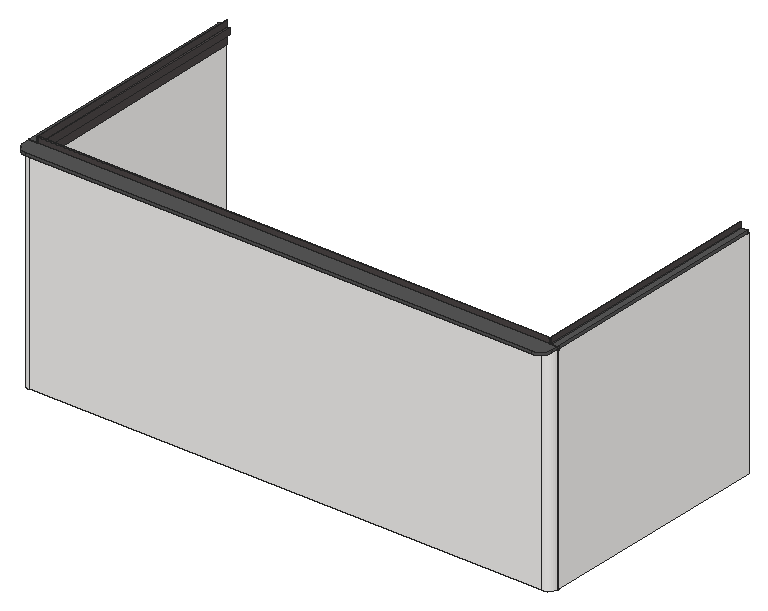
Revit family "vanity unit with 1 drawers for consoles with countertop basin ground", category Furniture, Revit 2019 (continued)
Definition of nested family "vanity unit 780_550 with 1 drawer for consoles with countertop basin ground-54056670-natural oak-matt_black-200_content"
  Forms (mm)
    Extrusion 8, solid, visible <- "ContentVisible", detail levels medium+fine
      sketch origin (0, 0, 0) x (1, 0, 0) y (0, 0, -1)
        loop
          line (366.4, -447) -> (366.4, -496) -> (372.5, -496) -> (372.5, -447) -> (366.4, -447)
      from -528.5 to 0
    Extrusion 9, solid, visible <- "ContentVisible", detail levels medium+fine
      sketch origin (0, 0, 0) x (0, 0, -1) y (0, 1, 0)
        loop
          line (-496, -528.5) -> (-447, -528.5) -> (-447, -522.4) -> (-496, -522.4) -> (-496, -528.5)
      from -372.5 to 372.5
    Extrusion 10, solid, visible <- "ContentVisible", detail levels coarse
      sketch origin (0, -285.5, 0) x (1, 0, 0) y (0, 1, 0)
        loop
          line (-390, -285.5) -> (390, -285.5) -> (390, 285.5) -> (-390, 285.5) -> (-390, -285.5)
      from 0 to 496
  Dimensions and locks
    aligned and locked: level to plane 2
Definition of nested family "vanity unit 780_550 with 1 drawer for consoles with countertop basin ground-54056670-natural oak-matt_black-400_content"
  Parameters (values of type "Vanity unit 780_550 with 1 drawer for consoles with countertop basin ground-54056670-Natural Oak-MATT_BLACK-400_Content")
    etim7_EC011381 = "EC011381"
    WEIGHT = "25.7"
    UNSPSC = "56 | Furniture and Furnishings"
    UNIFORMATII = "E2010 | Fixed Furnishings"
    UNICLASS_2015_CODE = "40_30_78_05"
    UNICLASS2015 = "Pr_40_30_78_05 | Bathroom furniture"
    SURFACE = "MATT_BLACK"
    REGIONSET = "Worldwide"
    PRODUCTURL = "https://pro.hansgrohe.com/articledetail--54056000"
    PRODUCTGROUP = "vanity unit"
    PRODUCTFAMILY = "Xelu Q"
    PERMALINK = "54056XXX"
    OMNICLASS = "23-21 19 15 33 13 | Residential Bathroom Specialty Casework"
    OBJECTTYPE = "Object (single object)"
    OBERFLAECHE = "Natural Oak"
    NN = "Vanity Unit with 1 Drawers for consoles with countertop basin ground"
    NBSYN = "$BASENUMBER.-$ARTNR.-$OBERFLAECHE.-$SURFACE.-$LODLEVEL."
    NB = "Vanity unit 780/550 with 1 drawer for consoles with countertop basin ground-54056670-Natural Oak-MATT_BLACK-400"
    NAME = "Xelu Q Vanity unit Natural Oak 780/550 with 1 drawer for consoles with countertop basin ground"
    Model = "Vanity unit 780/550 with 1 drawer for consoles with countertop basin ground-54056670-Natural Oak-MATT_BLACK-400"
    Manufacturer = "Hansgrohe"
    MASTERFORMAT = "12 35 30.23 | Bathroom Casework"
    LODLEVEL = "400"
    LINA = "Vanity unit 780/550 with 1 drawer for consoles with countertop basin ground-54056670-Natural Oak-MATT_BLACK-400"
    L = 780
    IFC = "Furnishing element"
    GTINCODE = "4059625455876"
    ETIM = "EC011381 | Bathroom furniture set"
    Default Elevation = 1219.2 mm
    DESIGN = "Germany"
    ContentVisible [instance] = yes
    CATALOG = "Hansgrohe"
    BIMOBJECT = "Sanitary: Compound units"
    BASENUMBER = "Vanity unit 780/550 with 1 drawer for consoles with countertop basin ground"
    ARTNR = "54056670"
  Reference planes
    plane 1 "Center (Front/Back)": y = 0
    plane 2: z = 0
    plane 3 "Center (Left/Right)": x = 0
  Forms (mm)
    Extrusion 1, solid, visible <- "ContentVisible", detail levels medium+fine
      sketch origin (0, 0, 0) x (1, 0, 0) y (0, 1, 0)
        loop
          line (-390, 0) -> (-390, -527)
          arc (-390, -527) -> (-389.121, -529.121) -> (-387, -530) r 3
          line (-387, -530) -> (-374, -530) -> (-374, 0) -> (-390, 0)
      from 0 to 480
    Extrusion 2, solid, visible <- "ContentVisible", detail levels medium+fine
      sketch origin (0, 0, 0) x (1, 0, 0) y (0, 1, 0)
        loop
          line (-374, -133) -> (-374, -499.5) -> (374, -499.5) -> (374, -133) -> (-374, -133)
      from 0 to 16
    Extrusion 3, solid, visible <- "ContentVisible", detail levels medium+fine
      sketch origin (0, 0, 0) x (1, 0, 0) y (0, 1, 0)
        loop
          line (374, 0) -> (374, -530) -> (387, -530)
          arc (387, -530) -> (389.121, -529.121) -> (390, -527) r 3
          line (390, -527) -> (390, 0) -> (374, 0)
      from 0 to 480
    Extrusion 4, solid, visible <- "ContentVisible", detail levels medium+fine
      sketch origin (0, 0, 0) x (1, 0, 0) y (0, 1, 0)
        loop
          line (-374, -117) -> (-374, -133) -> (374, -133) -> (374, -117) -> (-374, -117)
      from 0 to 126
    Extrusion 5, solid, visible <- "ContentVisible", detail levels medium+fine
      sketch origin (0, 0, 2) x (1, 0, 0) y (0, 1, 0)
        loop
          arc (-390, -532) -> (-384.435, -545.435) -> (-371, -551) r 19
          line (-371, -551) -> (371, -551)
          arc (371, -551) -> (384.435, -545.435) -> (390, -532) r 19
          line (390, -532) -> (390, -530) -> (-390, -530) -> (-390, -532)
      from 0 to 478
    Extrusion 6, solid, visible <- "ContentVisible", detail levels medium+fine
      sketch origin (0, 0, 480) x (1, 0, 0) y (0, 1, 0)
        loop
          line (-388.5, -530) -> (-388.5, -546)
          arc (-388.5, -546) -> (-381.178, -563.678) -> (-363.5, -571) r 25
          line (-363.5, -571) -> (363.5, -571)
          arc (363.5, -571) -> (381.178, -563.678) -> (388.5, -546) r 25
          line (388.5, -546) -> (388.5, -530) -> (368.5, -530) -> (368.5, -528.5) -> (-368.5, -528.5) -> (-368.5, -530) -> (-388.5, -530)
      from 0 to 5
    Extrusion 7, solid, visible <- "ContentVisible", detail levels medium+fine
      sketch origin (0, 0, 0) x (0, 0, -1) y (0, 1, 0)
        loop
          line (-480, -528.5) -> (-480, -530) -> (-450, -530) -> (-450, -528.5) -> (-480, -528.5)
      from -368.5 to 368.5
    Extrusion 8, solid, visible <- "ContentVisible", detail levels medium+fine
      sketch origin (0, 0, 0) x (1, 0, 0) y (0, 0, -1)
        loop
          line (-374, -447) -> (-374, -485) -> (-372.5, -485) -> (-372.5, -447) -> (-374, -447)
      from -530 to 0
    Extrusion 9, solid, visible <- "ContentVisible", detail levels medium+fine
      sketch origin (0, 0, 0) x (1, 0, 0) y (0, 0, -1)
        loop
          line (372.5, -446.8) -> (372.5, -485) -> (374, -485) -> (374, -446.8) -> (372.5, -446.8)
      from -530 to 0
    Extrusion 10, solid, visible <- "ContentVisible", detail levels medium+fine
      sketch origin (0, 0, 480) x (1, 0, 0) y (0, 1, 0)
        loop
          line (-390, -3) -> (-390, -527)
          arc (-390, -527) -> (-389.121, -529.121) -> (-387, -530) r 3
          line (-387, -530) -> (-374, -530) -> (-374, 0) -> (-387, 0)
          arc (-387, 0) -> (-389.121, -0.879) -> (-390, -3) r 3
      from 0 to 5
    Extrusion 11, solid, visible <- "ContentVisible", detail levels medium+fine
      sketch origin (0, 0, 480) x (1, 0, 0) y (0, 1, 0)
        loop
          line (374, 0) -> (374, -530) -> (387, -530)
          arc (387, -530) -> (389.121, -529.121) -> (390, -527) r 3
          line (390, -527) -> (390, -3)
          arc (390, -3) -> (389.121, -0.879) -> (387, 0) r 3
          line (387, 0) -> (374, 0)
      from 0 to 5
    Extrusion 12, solid, visible <- "ContentVisible", detail levels medium+fine
      sketch origin (0, 0, 0) x (1, 0, 0) y (0, 0, -1)
        loop
          line (-372.5, -447) -> (-372.5, -496) -> (-371, -496) -> (-371, -483) -> (-366.4, -483) -> (-366.4, -468.5) -> (-371, -468.5) -> (-371, -447) -> (-372.5, -447)
      from -528.5 to 0
    Extrusion 13, solid, visible <- "ContentVisible", detail levels medium+fine
      sketch origin (0, 0, 0) x (1, 0, 0) y (0, 0, -1)
        loop
          line (366.4, -468.5) -> (366.4, -483) -> (371, -483) -> (371, -496) -> (372.5, -496) -> (372.5, -447) -> (371, -447) -> (371, -468.5) -> (366.4, -468.5)
      from -528.5 to 0
    Extrusion 14, solid, visible <- "ContentVisible", detail levels medium+fine
      sketch origin (0, 0, 0) x (0, 0, -1) y (0, 1, 0)
        loop
          line (-496, -528.5) -> (-447, -528.5) -> (-447, -527) -> (-468.5, -527) -> (-468.5, -522.4) -> (-483, -522.4) -> (-483, -527) -> (-496, -527) -> (-496, -528.5)
      from -372.5 to 372.5
    Extrusion 15, solid, visible <- "ContentVisible", detail levels medium+fine
      sketch origin (0, 0, 0) x (0, 0, -1) y (0, 1, 0)
        loop
          line (-440, -477) -> (-440, -493) -> (-366, -493) -> (-366, -477) -> (-440, -477)
      from -374 to 374
    Extrusion 16, solid, visible <- "ContentVisible", detail levels coarse
      sketch origin (0, -285.5, 0) x (1, 0, 0) y (0, 1, 0)
        loop
          line (-390, -285.5) -> (390, -285.5) -> (390, 285.5) -> (-390, 285.5) -> (-390, -285.5)
      from 0 to 496
  Dimensions and locks
    aligned and locked: level to plane 2
Definition of nested family "vanity unit 780_550 with 1 drawer for consoles with countertop basin ground-54056700-natural oak-matt_white-200_content"
  Parameters (values of type "Vanity unit 780_550 with 1 drawer for consoles with countertop basin ground-54056700-Natural Oak-MATT_WHITE-200_Content")
    etim7_EC011381 = "EC011381"
    WEIGHT = "25.7"
    UNSPSC = "56 | Furniture and Furnishings"
    UNIFORMATII = "E2010 | Fixed Furnishings"
    UNICLASS_2015_CODE = "40_30_78_05"
    UNICLASS2015 = "Pr_40_30_78_05 | Bathroom furniture"
    SURFACE = "MATT_WHITE"
    REGIONSET = "Worldwide"
    PRODUCTURL = "https://pro.hansgrohe.com/articledetail--54056000"
    PRODUCTGROUP = "vanity unit"
    PRODUCTFAMILY = "Xelu Q"
    PERMALINK = "54056XXX"
    OMNICLASS = "23-21 19 15 33 13 | Residential Bathroom Specialty Casework"
    OBJECTTYPE = "Object (single object)"
    OBERFLAECHE = "Natural Oak"
    NN = "Vanity Unit with 1 Drawers for consoles with countertop basin ground"
    NBSYN = "$BASENUMBER.-$ARTNR.-$OBERFLAECHE.-$SURFACE.-$LODLEVEL."
    NB = "Vanity unit 780/550 with 1 drawer for consoles with countertop basin ground-54056700-Natural Oak-MATT_WHITE-200"
    NAME = "Xelu Q Vanity unit Natural Oak 780/550 with 1 drawer for consoles with countertop basin ground"
    Model = "Vanity unit 780/550 with 1 drawer for consoles with countertop basin ground-54056700-Natural Oak-MATT_WHITE-200"
    Manufacturer = "Hansgrohe"
    MASTERFORMAT = "12 35 30.23 | Bathroom Casework"
    LODLEVEL = "200"
    LINA = "Vanity unit 780/550 with 1 drawer for consoles with countertop basin ground-54056700-Natural Oak-MATT_WHITE-200"
    L = 780
    IFC = "Furnishing element"
    GTINCODE = "4059625455876"
    ETIM = "EC011381 | Bathroom furniture set"
    Default Elevation = 1219.2 mm
    DESIGN = "Germany"
    ContentVisible [instance] = yes
    CATALOG = "Hansgrohe"
    BIMOBJECT = "Sanitary: Compound units"
    BASENUMBER = "Vanity unit 780/550 with 1 drawer for consoles with countertop basin ground"
    ARTNR = "54056700"
  Reference planes
    plane 1 "Center (Front/Back)": y = 0
    plane 2: z = 0
    plane 3 "Center (Left/Right)": x = 0
  Forms (mm)
    Extrusion 1, solid, visible <- "ContentVisible", detail levels medium+fine
      sketch origin (0, 0, 0) x (1, 0, 0) y (0, 1, 0)
        loop
          line (-390, 0) -> (-390, -551) -> (390, -551) -> (390, 0) -> (374, 0) -> (374, -117) -> (-374, -117) -> (-374, 0) -> (-390, 0)
      from 0 to 480
    Extrusion 2, solid, visible <- "ContentVisible", detail levels medium+fine
      sketch origin (0, 0, 480) x (1, 0, 0) y (0, 1, 0)
        loop
          line (-388.5, -528.5) -> (-388.5, -571) -> (388.5, -571) -> (388.5, -528.5) -> (-388.5, -528.5)
      from 0 to 5
    Extrusion 3, solid, visible <- "ContentVisible", detail levels medium+fine
      sketch origin (0, 0, 0) x (1, 0, 0) y (0, 0, -1)
        loop
          line (-374, -447) -> (-374, -485) -> (-372.5, -485) -> (-372.5, -447) -> (-374, -447)
      from -530 to 0
    Extrusion 4, solid, visible <- "ContentVisible", detail levels medium+fine
      sketch origin (0, 0, 0) x (1, 0, 0) y (0, 0, -1)
        loop
          line (372.5, -446.8) -> (372.5, -485) -> (374, -485) -> (374, -446.8) -> (372.5, -446.8)
      from -530 to 0
    Extrusion 5, solid, visible <- "ContentVisible", detail levels medium+fine
      sketch origin (0, 0, 480) x (1, 0, 0) y (0, 1, 0)
        loop
          line (-390, 0) -> (-390, -530) -> (-374, -530) -> (-374, 0) -> (-390, 0)
      from 0 to 5
    Extrusion 6, solid, visible <- "ContentVisible", detail levels medium+fine
      sketch origin (0, 0, 480) x (1, 0, 0) y (0, 1, 0)
        loop
          line (374, 0) -> (374, -530) -> (390, -530) -> (390, 0) -> (374, 0)
      from 0 to 5
    Extrusion 7, solid, visible <- "ContentVisible", detail levels medium+fine
      sketch origin (0, 0, 0) x (1, 0, 0) y (0, 0, -1)
        loop
          line (-372.5, -447) -> (-372.5, -496) -> (-366.4, -496) -> (-366.4, -447) -> (-372.5, -447)
      from -528.5 to 0
    Extrusion 8, solid, visible <- "ContentVisible", detail levels medium+fine
      sketch origin (0, 0, 0) x (1, 0, 0) y (0, 0, -1)
        loop
          line (366.4, -447) -> (366.4, -496) -> (372.5, -496) -> (372.5, -447) -> (366.4, -447)
      from -528.5 to 0
    Extrusion 9, solid, visible <- "ContentVisible", detail levels medium+fine
      sketch origin (0, 0, 0) x (0, 0, -1) y (0, 1, 0)
        loop
          line (-496, -528.5) -> (-447, -528.5) -> (-447, -522.4) -> (-496, -522.4) -> (-496, -528.5)
      from -372.5 to 372.5
    Extrusion 10, solid, visible <- "ContentVisible", detail levels coarse
      sketch origin (0, -285.5, 0) x (1, 0, 0) y (0, 1, 0)
        loop
          line (-390, -285.5) -> (390, -285.5) -> (390, 285.5) -> (-390, 285.5) -> (-390, -285.5)
      from 0 to 496
  Dimensions and locks
    aligned and locked: level to plane 2
Definition of nested family "vanity unit 780_550 with 1 drawer for consoles with countertop basin ground-54056700-natural oak-matt_white-400_content"
  Parameters (values of type "Vanity unit 780_550 with 1 drawer for consoles with countertop basin ground-54056700-Natural Oak-MATT_WHITE-400_Content")
    etim7_EC011381 = "EC011381"
    WEIGHT = "25.7"
    UNSPSC = "56 | Furniture and Furnishings"
    UNIFORMATII = "E2010 | Fixed Furnishings"
    UNICLASS_2015_CODE = "40_30_78_05"
    UNICLASS2015 = "Pr_40_30_78_05 | Bathroom furniture"
    SURFACE = "MATT_WHITE"
    REGIONSET = "Worldwide"
    PRODUCTURL = "https://pro.hansgrohe.com/articledetail--54056000"
    PRODUCTGROUP = "vanity unit"
    PRODUCTFAMILY = "Xelu Q"
    PERMALINK = "54056XXX"
    OMNICLASS = "23-21 19 15 33 13 | Residential Bathroom Specialty Casework"
    OBJECTTYPE = "Object (single object)"
    OBERFLAECHE = "Natural Oak"
    NN = "Vanity Unit with 1 Drawers for consoles with countertop basin ground"
    NBSYN = "$BASENUMBER.-$ARTNR.-$OBERFLAECHE.-$SURFACE.-$LODLEVEL."
    NB = "Vanity unit 780/550 with 1 drawer for consoles with countertop basin ground-54056700-Natural Oak-MATT_WHITE-400"
    NAME = "Xelu Q Vanity unit Natural Oak 780/550 with 1 drawer for consoles with countertop basin ground"
    Model = "Vanity unit 780/550 with 1 drawer for consoles with countertop basin ground-54056700-Natural Oak-MATT_WHITE-400"
    Manufacturer = "Hansgrohe"
    MASTERFORMAT = "12 35 30.23 | Bathroom Casework"
    LODLEVEL = "400"
    LINA = "Vanity unit 780/550 with 1 drawer for consoles with countertop basin ground-54056700-Natural Oak-MATT_WHITE-400"
    L = 780
    IFC = "Furnishing element"
    GTINCODE = "4059625455876"
    ETIM = "EC011381 | Bathroom furniture set"
    Default Elevation = 1219.2 mm
    DESIGN = "Germany"
    ContentVisible [instance] = yes
    CATALOG = "Hansgrohe"
    BIMOBJECT = "Sanitary: Compound units"
    BASENUMBER = "Vanity unit 780/550 with 1 drawer for consoles with countertop basin ground"
    ARTNR = "54056700"
  Reference planes
    plane 1 "Center (Front/Back)": y = 0
    plane 2: z = 0
    plane 3 "Center (Left/Right)": x = 0
  Forms (mm)
    Extrusion 1, solid, visible <- "ContentVisible", detail levels medium+fine
      sketch origin (0, 0, 0) x (1, 0, 0) y (0, 1, 0)
        loop
          line (-390, 0) -> (-390, -527)
          arc (-390, -527) -> (-389.121, -529.121) -> (-387, -530) r 3
          line (-387, -530) -> (-374, -530) -> (-374, 0) -> (-390, 0)
      from 0 to 480
    Extrusion 2, solid, visible <- "ContentVisible", detail levels medium+fine
      sketch origin (0, 0, 0) x (1, 0, 0) y (0, 1, 0)
        loop
          line (-374, -133) -> (-374, -499.5) -> (374, -499.5) -> (374, -133) -> (-374, -133)
      from 0 to 16
    Extrusion 3, solid, visible <- "ContentVisible", detail levels medium+fine
      sketch origin (0, 0, 0) x (1, 0, 0) y (0, 1, 0)
        loop
          line (374, 0) -> (374, -530) -> (387, -530)
          arc (387, -530) -> (389.121, -529.121) -> (390, -527) r 3
          line (390, -527) -> (390, 0) -> (374, 0)
      from 0 to 480
    Extrusion 4, solid, visible <- "ContentVisible", detail levels medium+fine
      sketch origin (0, 0, 0) x (1, 0, 0) y (0, 1, 0)
        loop
          line (-374, -117) -> (-374, -133) -> (374, -133) -> (374, -117) -> (-374, -117)
      from 0 to 126
    Extrusion 5, solid, visible <- "ContentVisible", detail levels medium+fine
      sketch origin (0, 0, 2) x (1, 0, 0) y (0, 1, 0)
        loop
          arc (-390, -532) -> (-384.435, -545.435) -> (-371, -551) r 19
          line (-371, -551) -> (371, -551)
          arc (371, -551) -> (384.435, -545.435) -> (390, -532) r 19
          line (390, -532) -> (390, -530) -> (-390, -530) -> (-390, -532)
      from 0 to 478
    Extrusion 6, solid, visible <- "ContentVisible", detail levels medium+fine
      sketch origin (0, 0, 480) x (1, 0, 0) y (0, 1, 0)
        loop
          line (-388.5, -530) -> (-388.5, -546)
          arc (-388.5, -546) -> (-381.178, -563.678) -> (-363.5, -571) r 25
          line (-363.5, -571) -> (363.5, -571)
          arc (363.5, -571) -> (381.178, -563.678) -> (388.5, -546) r 25
          line (388.5, -546) -> (388.5, -530) -> (368.5, -530) -> (368.5, -528.5) -> (-368.5, -528.5) -> (-368.5, -530) -> (-388.5, -530)
      from 0 to 5
    Extrusion 7, solid, visible <- "ContentVisible", detail levels medium+fine
      sketch origin (0, 0, 0) x (0, 0, -1) y (0, 1, 0)
        loop
          line (-480, -528.5) -> (-480, -530) -> (-450, -530) -> (-450, -528.5) -> (-480, -528.5)
      from -368.5 to 368.5
    Extrusion 8, solid, visible <- "ContentVisible", detail levels medium+fine
      sketch origin (0, 0, 0) x (1, 0, 0) y (0, 0, -1)
        loop
          line (-374, -447) -> (-374, -485) -> (-372.5, -485) -> (-372.5, -447) -> (-374, -447)
      from -530 to 0
    Extrusion 9, solid, visible <- "ContentVisible", detail levels medium+fine
      sketch origin (0, 0, 0) x (1, 0, 0) y (0, 0, -1)
        loop
          line (372.5, -446.8) -> (372.5, -485) -> (374, -485) -> (374, -446.8) -> (372.5, -446.8)
      from -530 to 0
    Extrusion 10, solid, visible <- "ContentVisible", detail levels medium+fine
      sketch origin (0, 0, 480) x (1, 0, 0) y (0, 1, 0)
        loop
          line (-390, -3) -> (-390, -527)
          arc (-390, -527) -> (-389.121, -529.121) -> (-387, -530) r 3
          line (-387, -530) -> (-374, -530) -> (-374, 0) -> (-387, 0)
          arc (-387, 0) -> (-389.121, -0.879) -> (-390, -3) r 3
      from 0 to 5
    Extrusion 11, solid, visible <- "ContentVisible", detail levels medium+fine
      sketch origin (0, 0, 480) x (1, 0, 0) y (0, 1, 0)
        loop
          line (374, 0) -> (374, -530) -> (387, -530)
          arc (387, -530) -> (389.121, -529.121) -> (390, -527) r 3
          line (390, -527) -> (390, -3)
          arc (390, -3) -> (389.121, -0.879) -> (387, 0) r 3
          line (387, 0) -> (374, 0)
      from 0 to 5
    Extrusion 12, solid, visible <- "ContentVisible", detail levels medium+fine
      sketch origin (0, 0, 0) x (1, 0, 0) y (0, 0, -1)
        loop
          line (-372.5, -447) -> (-372.5, -496) -> (-371, -496) -> (-371, -483) -> (-366.4, -483) -> (-366.4, -468.5) -> (-371, -468.5) -> (-371, -447) -> (-372.5, -447)
      from -528.5 to 0
    Extrusion 13, solid, visible <- "ContentVisible", detail levels medium+fine
      sketch origin (0, 0, 0) x (1, 0, 0) y (0, 0, -1)
        loop
          line (366.4, -468.5) -> (366.4, -483) -> (371, -483) -> (371, -496) -> (372.5, -496) -> (372.5, -447) -> (371, -447) -> (371, -468.5) -> (366.4, -468.5)
      from -528.5 to 0
    Extrusion 14, solid, visible <- "ContentVisible", detail levels medium+fine
      sketch origin (0, 0, 0) x (0, 0, -1) y (0, 1, 0)
        loop
          line (-496, -528.5) -> (-447, -528.5) -> (-447, -527) -> (-468.5, -527) -> (-468.5, -522.4) -> (-483, -522.4) -> (-483, -527) -> (-496, -527) -> (-496, -528.5)
      from -372.5 to 372.5
    Extrusion 15, solid, visible <- "ContentVisible", detail levels medium+fine
      sketch origin (0, 0, 0) x (0, 0, -1) y (0, 1, 0)
        loop
          line (-440, -477) -> (-440, -493) -> (-366, -493) -> (-366, -477) -> (-440, -477)
      from -374 to 374
    Extrusion 16, solid, visible <- "ContentVisible", detail levels coarse
      sketch origin (0, -285.5, 0) x (1, 0, 0) y (0, 1, 0)
        loop
          line (-390, -285.5) -> (390, -285.5) -> (390, 285.5) -> (-390, 285.5) -> (-390, -285.5)
      from 0 to 496
  Dimensions and locks
    aligned and locked: level to plane 2
Definition of nested family "vanity unit 780_550 with 1 drawer for consoles with countertop basin ground-54057000-dark walnut-chrome-200_content"
  Parameters (values of type "Vanity unit 780_550 with 1 drawer for consoles with countertop basin ground-54057000-Dark Walnut-CHROME-200_Content")
    etim7_EC011381 = "EC011381"
    WEIGHT = "25.7"
    UNSPSC = "56 | Furniture and Furnishings"
    UNIFORMATII = "E2010 | Fixed Furnishings"
    UNICLASS_2015_CODE = "40_30_78_05"
    UNICLASS2015 = "Pr_40_30_78_05 | Bathroom furniture"
    SURFACE = "CHROME"
    REGIONSET = "Worldwide"
    PRODUCTURL = "https://pro.hansgrohe.com/articledetail--54057000"
    PRODUCTGROUP = "vanity unit"
    PRODUCTFAMILY = "Xelu Q"
    PERMALINK = "54057XXX"
    OMNICLASS = "23-21 19 15 33 13 | Residential Bathroom Specialty Casework"
    OBJECTTYPE = "Object (single object)"
    OBERFLAECHE = "Dark Walnut"
    NN = "Vanity Unit with 1 Drawers for consoles with countertop basin ground"
    NBSYN = "$BASENUMBER.-$ARTNR.-$OBERFLAECHE.-$SURFACE.-$LODLEVEL."
    NB = "Vanity unit 780/550 with 1 drawer for consoles with countertop basin ground-54057000-Dark Walnut-CHROME-200"
    NAME = "Xelu Q Vanity unit Dark Walnut 780/550 with 1 drawer for consoles with countertop basin ground"
    Model = "Vanity unit 780/550 with 1 drawer for consoles with countertop basin ground-54057000-Dark Walnut-CHROME-200"
    Manufacturer = "Hansgrohe"
    MASTERFORMAT = "12 35 30.23 | Bathroom Casework"
    LODLEVEL = "200"
    LINA = "Vanity unit 780/550 with 1 drawer for consoles with countertop basin ground-54057000-Dark Walnut-CHROME-200"
    L = 780
    IFC = "Furnishing element"
    GTINCODE = "4059625455845"
    ETIM = "EC011381 | Bathroom furniture set"
    Default Elevation = 1219.2 mm
    DESIGN = "Germany"
    ContentVisible [instance] = yes
    CATALOG = "Hansgrohe"
    BIMOBJECT = "Sanitary: Compound units"
    BASENUMBER = "Vanity unit 780/550 with 1 drawer for consoles with countertop basin ground"
    ARTNR = "54057000"
  Reference planes
    plane 1 "Center (Front/Back)": y = 0
    plane 2: z = 0
    plane 3 "Center (Left/Right)": x = 0
  Forms (mm)
    Extrusion 1, solid, visible <- "ContentVisible", detail levels medium+fine
      sketch origin (0, 0, 0) x (1, 0, 0) y (0, 1, 0)
        loop
          line (-390, 0) -> (-390, -551) -> (390, -551) -> (390, 0) -> (374, 0) -> (374, -117) -> (-374, -117) -> (-374, 0) -> (-390, 0)
      from 0 to 480
    Extrusion 2, solid, visible <- "ContentVisible", detail levels medium+fine
      sketch origin (0, 0, 480) x (1, 0, 0) y (0, 1, 0)
        loop
          line (-388.5, -528.5) -> (-388.5, -571) -> (388.5, -571) -> (388.5, -528.5) -> (-388.5, -528.5)
      from 0 to 5
    Extrusion 3, solid, visible <- "ContentVisible", detail levels medium+fine
      sketch origin (0, 0, 0) x (1, 0, 0) y (0, 0, -1)
        loop
          line (-374, -447) -> (-374, -485) -> (-372.5, -485) -> (-372.5, -447) -> (-374, -447)
      from -530 to 0
    Extrusion 4, solid, visible <- "ContentVisible", detail levels medium+fine
      sketch origin (0, 0, 0) x (1, 0, 0) y (0, 0, -1)
        loop
          line (372.5, -446.8) -> (372.5, -485) -> (374, -485) -> (374, -446.8) -> (372.5, -446.8)
      from -530 to 0
    Extrusion 5, solid, visible <- "ContentVisible", detail levels medium+fine
      sketch origin (0, 0, 480) x (1, 0, 0) y (0, 1, 0)
        loop
          line (-390, 0) -> (-390, -530) -> (-374, -530) -> (-374, 0) -> (-390, 0)
      from 0 to 5
    Extrusion 6, solid, visible <- "ContentVisible", detail levels medium+fine
      sketch origin (0, 0, 480) x (1, 0, 0) y (0, 1, 0)
        loop
          line (374, 0) -> (374, -530) -> (390, -530) -> (390, 0) -> (374, 0)
      from 0 to 5
    Extrusion 7, solid, visible <- "ContentVisible", detail levels medium+fine
      sketch origin (0, 0, 0) x (1, 0, 0) y (0, 0, -1)
        loop
          line (-372.5, -447) -> (-372.5, -496) -> (-366.4, -496) -> (-366.4, -447) -> (-372.5, -447)
      from -528.5 to 0
    Extrusion 8, solid, visible <- "ContentVisible", detail levels medium+fine
      sketch origin (0, 0, 0) x (1, 0, 0) y (0, 0, -1)
        loop
          line (366.4, -447) -> (366.4, -496) -> (372.5, -496) -> (372.5, -447) -> (366.4, -447)
      from -528.5 to 0
    Extrusion 9, solid, visible <- "ContentVisible", detail levels medium+fine
      sketch origin (0, 0, 0) x (0, 0, -1) y (0, 1, 0)
        loop
          line (-496, -528.5) -> (-447, -528.5) -> (-447, -522.4) -> (-496, -522.4) -> (-496, -528.5)
      from -372.5 to 372.5
    Extrusion 10, solid, visible <- "ContentVisible", detail levels coarse
      sketch origin (0, -285.5, 0) x (1, 0, 0) y (0, 1, 0)
        loop
          line (-390, -285.5) -> (390, -285.5) -> (390, 285.5) -> (-390, 285.5) -> (-390, -285.5)
      from 0 to 496
  Dimensions and locks
    aligned and locked: level to plane 2
Definition of nested family "vanity unit 780_550 with 1 drawer for consoles with countertop basin ground-54057000-dark walnut-chrome-400_content"
  Parameters (values of type "Vanity unit 780_550 with 1 drawer for consoles with countertop basin ground-54057000-Dark Walnut-CHROME-400_Content")
    etim7_EC011381 = "EC011381"
    WEIGHT = "25.7"
    UNSPSC = "56 | Furniture and Furnishings"
    UNIFORMATII = "E2010 | Fixed Furnishings"
    UNICLASS_2015_CODE = "40_30_78_05"
    UNICLASS2015 = "Pr_40_30_78_05 | Bathroom furniture"
    SURFACE = "CHROME"
    REGIONSET = "Worldwide"
    PRODUCTURL = "https://pro.hansgrohe.com/articledetail--54057000"
    PRODUCTGROUP = "vanity unit"
    PRODUCTFAMILY = "Xelu Q"
    PERMALINK = "54057XXX"
    OMNICLASS = "23-21 19 15 33 13 | Residential Bathroom Specialty Casework"
    OBJECTTYPE = "Object (single object)"
    OBERFLAECHE = "Dark Walnut"
    NN = "Vanity Unit with 1 Drawers for consoles with countertop basin ground"
    NBSYN = "$BASENUMBER.-$ARTNR.-$OBERFLAECHE.-$SURFACE.-$LODLEVEL."
    NB = "Vanity unit 780/550 with 1 drawer for consoles with countertop basin ground-54057000-Dark Walnut-CHROME-400"
    NAME = "Xelu Q Vanity unit Dark Walnut 780/550 with 1 drawer for consoles with countertop basin ground"
    Model = "Vanity unit 780/550 with 1 drawer for consoles with countertop basin ground-54057000-Dark Walnut-CHROME-400"
    Manufacturer = "Hansgrohe"
    MASTERFORMAT = "12 35 30.23 | Bathroom Casework"
    LODLEVEL = "400"
    LINA = "Vanity unit 780/550 with 1 drawer for consoles with countertop basin ground-54057000-Dark Walnut-CHROME-400"
    L = 780
    IFC = "Furnishing element"
    GTINCODE = "4059625455845"
    ETIM = "EC011381 | Bathroom furniture set"
    Default Elevation = 1219.2 mm
    DESIGN = "Germany"
    ContentVisible [instance] = yes
    CATALOG = "Hansgrohe"
    BIMOBJECT = "Sanitary: Compound units"
    BASENUMBER = "Vanity unit 780/550 with 1 drawer for consoles with countertop basin ground"
    ARTNR = "54057000"
  Reference planes
    plane 1 "Center (Front/Back)": y = 0
    plane 2: z = 0
    plane 3 "Center (Left/Right)": x = 0
  Forms (mm)
    Extrusion 1, solid, visible <- "ContentVisible", detail levels medium+fine
      sketch origin (0, 0, 0) x (1, 0, 0) y (0, 1, 0)
        loop
          line (-390, 0) -> (-390, -527)
          arc (-390, -527) -> (-389.121, -529.121) -> (-387, -530) r 3
          line (-387, -530) -> (-374, -530) -> (-374, 0) -> (-390, 0)
      from 0 to 480
    Extrusion 2, solid, visible <- "ContentVisible", detail levels medium+fine
      sketch origin (0, 0, 0) x (1, 0, 0) y (0, 1, 0)
        loop
          line (-374, -133) -> (-374, -499.5) -> (374, -499.5) -> (374, -133) -> (-374, -133)
      from 0 to 16
    Extrusion 3, solid, visible <- "ContentVisible", detail levels medium+fine
      sketch origin (0, 0, 0) x (1, 0, 0) y (0, 1, 0)
        loop
          line (374, 0) -> (374, -530) -> (387, -530)
          arc (387, -530) -> (389.121, -529.121) -> (390, -527) r 3
          line (390, -527) -> (390, 0) -> (374, 0)
      from 0 to 480
    Extrusion 4, solid, visible <- "ContentVisible", detail levels medium+fine
      sketch origin (0, 0, 0) x (1, 0, 0) y (0, 1, 0)
        loop
          line (-374, -117) -> (-374, -133) -> (374, -133) -> (374, -117) -> (-374, -117)
      from 0 to 126
    Extrusion 5, solid, visible <- "ContentVisible", detail levels medium+fine
      sketch origin (0, 0, 2) x (1, 0, 0) y (0, 1, 0)
        loop
          arc (-390, -532) -> (-384.435, -545.435) -> (-371, -551) r 19
          line (-371, -551) -> (371, -551)
          arc (371, -551) -> (384.435, -545.435) -> (390, -532) r 19
          line (390, -532) -> (390, -530) -> (-390, -530) -> (-390, -532)
      from 0 to 478
    Extrusion 6, solid, visible <- "ContentVisible", detail levels medium+fine
      sketch origin (0, 0, 480) x (1, 0, 0) y (0, 1, 0)
        loop
          line (-388.5, -530) -> (-388.5, -546)
          arc (-388.5, -546) -> (-381.178, -563.678) -> (-363.5, -571) r 25
          line (-363.5, -571) -> (363.5, -571)
          arc (363.5, -571) -> (381.178, -563.678) -> (388.5, -546) r 25
          line (388.5, -546) -> (388.5, -530) -> (368.5, -530) -> (368.5, -528.5) -> (-368.5, -528.5) -> (-368.5, -530) -> (-388.5, -530)
      from 0 to 5
    Extrusion 7, solid, visible <- "ContentVisible", detail levels medium+fine
      sketch origin (0, 0, 0) x (0, 0, -1) y (0, 1, 0)
        loop
          line (-480, -528.5) -> (-480, -530) -> (-450, -530) -> (-450, -528.5) -> (-480, -528.5)
      from -368.5 to 368.5
    Extrusion 8, solid, visible <- "ContentVisible", detail levels medium+fine
      sketch origin (0, 0, 0) x (1, 0, 0) y (0, 0, -1)
        loop
          line (-374, -447) -> (-374, -485) -> (-372.5, -485) -> (-372.5, -447) -> (-374, -447)
      from -530 to 0
    Extrusion 9, solid, visible <- "ContentVisible", detail levels medium+fine
      sketch origin (0, 0, 0) x (1, 0, 0) y (0, 0, -1)
        loop
          line (372.5, -446.8) -> (372.5, -485) -> (374, -485) -> (374, -446.8) -> (372.5, -446.8)
      from -530 to 0
    Extrusion 10, solid, visible <- "ContentVisible", detail levels medium+fine
      sketch origin (0, 0, 480) x (1, 0, 0) y (0, 1, 0)
        loop
          line (-390, -3) -> (-390, -527)
          arc (-390, -527) -> (-389.121, -529.121) -> (-387, -530) r 3
          line (-387, -530) -> (-374, -530) -> (-374, 0) -> (-387, 0)
          arc (-387, 0) -> (-389.121, -0.879) -> (-390, -3) r 3
      from 0 to 5
    Extrusion 11, solid, visible <- "ContentVisible", detail levels medium+fine
      sketch origin (0, 0, 480) x (1, 0, 0) y (0, 1, 0)
        loop
          line (374, 0) -> (374, -530) -> (387, -530)
          arc (387, -530) -> (389.121, -529.121) -> (390, -527) r 3
          line (390, -527) -> (390, -3)
          arc (390, -3) -> (389.121, -0.879) -> (387, 0) r 3
          line (387, 0) -> (374, 0)
      from 0 to 5
    Extrusion 12, solid, visible <- "ContentVisible", detail levels medium+fine
      sketch origin (0, 0, 0) x (1, 0, 0) y (0, 0, -1)
        loop
          line (-372.5, -447) -> (-372.5, -496) -> (-371, -496) -> (-371, -483) -> (-366.4, -483) -> (-366.4, -468.5) -> (-371, -468.5) -> (-371, -447) -> (-372.5, -447)
      from -528.5 to 0
    Extrusion 13, solid, visible <- "ContentVisible", detail levels medium+fine
      sketch origin (0, 0, 0) x (1, 0, 0) y (0, 0, -1)
        loop
          line (366.4, -468.5) -> (366.4, -483) -> (371, -483) -> (371, -496) -> (372.5, -496) -> (372.5, -447) -> (371, -447) -> (371, -468.5) -> (366.4, -468.5)
      from -528.5 to 0
    Extrusion 14, solid, visible <- "ContentVisible", detail levels medium+fine
      sketch origin (0, 0, 0) x (0, 0, -1) y (0, 1, 0)
        loop
          line (-496, -528.5) -> (-447, -528.5) -> (-447, -527) -> (-468.5, -527) -> (-468.5, -522.4) -> (-483, -522.4) -> (-483, -527) -> (-496, -527) -> (-496, -528.5)
      from -372.5 to 372.5
    Extrusion 15, solid, visible <- "ContentVisible", detail levels medium+fine
      sketch origin (0, 0, 0) x (0, 0, -1) y (0, 1, 0)
        loop
          line (-440, -477) -> (-440, -493) -> (-366, -493) -> (-366, -477) -> (-440, -477)
      from -374 to 374
    Extrusion 16, solid, visible <- "ContentVisible", detail levels coarse
      sketch origin (0, -285.5, 0) x (1, 0, 0) y (0, 1, 0)
        loop
          line (-390, -285.5) -> (390, -285.5) -> (390, 285.5) -> (-390, 285.5) -> (-390, -285.5)
      from 0 to 496
  Dimensions and locks
    aligned and locked: level to plane 2
Definition of nested family "vanity unit 780_550 with 1 drawer for consoles with countertop basin ground-54057670-dark walnut-matt_black-200_content"
  Parameters (values of type "Vanity unit 780_550 with 1 drawer for consoles with countertop basin ground-54057670-Dark Walnut-MATT_BLACK-200_Content")
    etim7_EC011381 = "EC011381"
    WEIGHT = "25.7"
    UNSPSC = "56 | Furniture and Furnishings"
    UNIFORMATII = "E2010 | Fixed Furnishings"
    UNICLASS_2015_CODE = "40_30_78_05"
    UNICLASS2015 = "Pr_40_30_78_05 | Bathroom furniture"
    SURFACE = "MATT_BLACK"
    REGIONSET = "Worldwide"
    PRODUCTURL = "https://pro.hansgrohe.com/articledetail--54057000"
    PRODUCTGROUP = "vanity unit"
    PRODUCTFAMILY = "Xelu Q"
    PERMALINK = "54057XXX"
    OMNICLASS = "23-21 19 15 33 13 | Residential Bathroom Specialty Casework"
    OBJECTTYPE = "Object (single object)"
    OBERFLAECHE = "Dark Walnut"
    NN = "Vanity Unit with 1 Drawers for consoles with countertop basin ground"
    NBSYN = "$BASENUMBER.-$ARTNR.-$OBERFLAECHE.-$SURFACE.-$LODLEVEL."
    NB = "Vanity unit 780/550 with 1 drawer for consoles with countertop basin ground-54057670-Dark Walnut-MATT_BLACK-200"
    NAME = "Xelu Q Vanity unit Dark Walnut 780/550 with 1 drawer for consoles with countertop basin ground"
    Model = "Vanity unit 780/550 with 1 drawer for consoles with countertop basin ground-54057670-Dark Walnut-MATT_BLACK-200"
    Manufacturer = "Hansgrohe"
    MASTERFORMAT = "12 35 30.23 | Bathroom Casework"
    LODLEVEL = "200"
    LINA = "Vanity unit 780/550 with 1 drawer for consoles with countertop basin ground-54057670-Dark Walnut-MATT_BLACK-200"
    L = 780
    IFC = "Furnishing element"
    GTINCODE = "4059625455845"
    ETIM = "EC011381 | Bathroom furniture set"
    Default Elevation = 1219.2 mm
    DESIGN = "Germany"
    ContentVisible [instance] = yes
    CATALOG = "Hansgrohe"
    BIMOBJECT = "Sanitary: Compound units"
    BASENUMBER = "Vanity unit 780/550 with 1 drawer for consoles with countertop basin ground"
    ARTNR = "54057670"
  Reference planes
    plane 1 "Center (Front/Back)": y = 0
    plane 2: z = 0
    plane 3 "Center (Left/Right)": x = 0
  Forms (mm)
    Extrusion 1, solid, visible <- "ContentVisible", detail levels medium+fine
      sketch origin (0, 0, 0) x (1, 0, 0) y (0, 1, 0)
        loop
          line (-390, 0) -> (-390, -551) -> (390, -551) -> (390, 0) -> (374, 0) -> (374, -117) -> (-374, -117) -> (-374, 0) -> (-390, 0)
      from 0 to 480
    Extrusion 2, solid, visible <- "ContentVisible", detail levels medium+fine
      sketch origin (0, 0, 480) x (1, 0, 0) y (0, 1, 0)
        loop
          line (-388.5, -528.5) -> (-388.5, -571) -> (388.5, -571) -> (388.5, -528.5) -> (-388.5, -528.5)
      from 0 to 5
    Extrusion 3, solid, visible <- "ContentVisible", detail levels medium+fine
      sketch origin (0, 0, 0) x (1, 0, 0) y (0, 0, -1)
        loop
          line (-374, -447) -> (-374, -485) -> (-372.5, -485) -> (-372.5, -447) -> (-374, -447)
      from -530 to 0
    Extrusion 4, solid, visible <- "ContentVisible", detail levels medium+fine
      sketch origin (0, 0, 0) x (1, 0, 0) y (0, 0, -1)
        loop
          line (372.5, -446.8) -> (372.5, -485) -> (374, -485) -> (374, -446.8) -> (372.5, -446.8)
      from -530 to 0
    Extrusion 5, solid, visible <- "ContentVisible", detail levels medium+fine
      sketch origin (0, 0, 480) x (1, 0, 0) y (0, 1, 0)
        loop
          line (-390, 0) -> (-390, -530) -> (-374, -530) -> (-374, 0) -> (-390, 0)
      from 0 to 5
    Extrusion 6, solid, visible <- "ContentVisible", detail levels medium+fine
      sketch origin (0, 0, 480) x (1, 0, 0) y (0, 1, 0)
        loop
          line (374, 0) -> (374, -530) -> (390, -530) -> (390, 0) -> (374, 0)
      from 0 to 5
    Extrusion 7, solid, visible <- "ContentVisible", detail levels medium+fine
      sketch origin (0, 0, 0) x (1, 0, 0) y (0, 0, -1)
        loop
          line (-372.5, -447) -> (-372.5, -496) -> (-366.4, -496) -> (-366.4, -447) -> (-372.5, -447)
      from -528.5 to 0
    Extrusion 8, solid, visible <- "ContentVisible", detail levels medium+fine
      sketch origin (0, 0, 0) x (1, 0, 0) y (0, 0, -1)
        loop
          line (366.4, -447) -> (366.4, -496) -> (372.5, -496) -> (372.5, -447) -> (366.4, -447)
      from -528.5 to 0
    Extrusion 9, solid, visible <- "ContentVisible", detail levels medium+fine
      sketch origin (0, 0, 0) x (0, 0, -1) y (0, 1, 0)
        loop
          line (-496, -528.5) -> (-447, -528.5) -> (-447, -522.4) -> (-496, -522.4) -> (-496, -528.5)
      from -372.5 to 372.5
    Extrusion 10, solid, visible <- "ContentVisible", detail levels coarse
      sketch origin (0, -285.5, 0) x (1, 0, 0) y (0, 1, 0)
        loop
          line (-390, -285.5) -> (390, -285.5) -> (390, 285.5) -> (-390, 285.5) -> (-390, -285.5)
      from 0 to 496
  Dimensions and locks
    aligned and locked: level to plane 2
Definition of nested family "vanity unit 780_550 with 1 drawer for consoles with countertop basin ground-54057670-dark walnut-matt_black-400_content"
  Parameters (values of type "Vanity unit 780_550 with 1 drawer for consoles with countertop basin ground-54057670-Dark Walnut-MATT_BLACK-400_Content")
    etim7_EC011381 = "EC011381"
    WEIGHT = "25.7"
    UNSPSC = "56 | Furniture and Furnishings"
    UNIFORMATII = "E2010 | Fixed Furnishings"
    UNICLASS_2015_CODE = "40_30_78_05"
    UNICLASS2015 = "Pr_40_30_78_05 | Bathroom furniture"
    SURFACE = "MATT_BLACK"
    REGIONSET = "Worldwide"
    PRODUCTURL = "https://pro.hansgrohe.com/articledetail--54057000"
    PRODUCTGROUP = "vanity unit"
    PRODUCTFAMILY = "Xelu Q"
    PERMALINK = "54057XXX"
    OMNICLASS = "23-21 19 15 33 13 | Residential Bathroom Specialty Casework"
    OBJECTTYPE = "Object (single object)"
    OBERFLAECHE = "Dark Walnut"
    NN = "Vanity Unit with 1 Drawers for consoles with countertop basin ground"
    NBSYN = "$BASENUMBER.-$ARTNR.-$OBERFLAECHE.-$SURFACE.-$LODLEVEL."
    NB = "Vanity unit 780/550 with 1 drawer for consoles with countertop basin ground-54057670-Dark Walnut-MATT_BLACK-400"
    NAME = "Xelu Q Vanity unit Dark Walnut 780/550 with 1 drawer for consoles with countertop basin ground"
    Model = "Vanity unit 780/550 with 1 drawer for consoles with countertop basin ground-54057670-Dark Walnut-MATT_BLACK-400"
    Manufacturer = "Hansgrohe"
    MASTERFORMAT = "12 35 30.23 | Bathroom Casework"
    LODLEVEL = "400"
    LINA = "Vanity unit 780/550 with 1 drawer for consoles with countertop basin ground-54057670-Dark Walnut-MATT_BLACK-400"
    L = 780
    IFC = "Furnishing element"
    GTINCODE = "4059625455845"
    ETIM = "EC011381 | Bathroom furniture set"
    Default Elevation = 1219.2 mm
    DESIGN = "Germany"
    ContentVisible [instance] = yes
    CATALOG = "Hansgrohe"
    BIMOBJECT = "Sanitary: Compound units"
    BASENUMBER = "Vanity unit 780/550 with 1 drawer for consoles with countertop basin ground"
    ARTNR = "54057670"
  Reference planes
    plane 1 "Center (Front/Back)": y = 0
    plane 2: z = 0
    plane 3 "Center (Left/Right)": x = 0
  Forms (mm)
    Extrusion 1, solid, visible <- "ContentVisible", detail levels medium+fine
      sketch origin (0, 0, 0) x (1, 0, 0) y (0, 1, 0)
        loop
          line (-390, 0) -> (-390, -527)
          arc (-390, -527) -> (-389.121, -529.121) -> (-387, -530) r 3
          line (-387, -530) -> (-374, -530) -> (-374, 0) -> (-390, 0)
      from 0 to 480
    Extrusion 2, solid, visible <- "ContentVisible", detail levels medium+fine
      sketch origin (0, 0, 0) x (1, 0, 0) y (0, 1, 0)
        loop
          line (-374, -133) -> (-374, -499.5) -> (374, -499.5) -> (374, -133) -> (-374, -133)
      from 0 to 16
    Extrusion 3, solid, visible <- "ContentVisible", detail levels medium+fine
      sketch origin (0, 0, 0) x (1, 0, 0) y (0, 1, 0)
        loop
          line (374, 0) -> (374, -530) -> (387, -530)
          arc (387, -530) -> (389.121, -529.121) -> (390, -527) r 3
          line (390, -527) -> (390, 0) -> (374, 0)
      from 0 to 480
    Extrusion 4, solid, visible <- "ContentVisible", detail levels medium+fine
      sketch origin (0, 0, 0) x (1, 0, 0) y (0, 1, 0)
        loop
          line (-374, -117) -> (-374, -133) -> (374, -133) -> (374, -117) -> (-374, -117)
      from 0 to 126
    Extrusion 5, solid, visible <- "ContentVisible", detail levels medium+fine
      sketch origin (0, 0, 2) x (1, 0, 0) y (0, 1, 0)
        loop
          arc (-390, -532) -> (-384.435, -545.435) -> (-371, -551) r 19
          line (-371, -551) -> (371, -551)
          arc (371, -551) -> (384.435, -545.435) -> (390, -532) r 19
          line (390, -532) -> (390, -530) -> (-390, -530) -> (-390, -532)
      from 0 to 478
    Extrusion 6, solid, visible <- "ContentVisible", detail levels medium+fine
      sketch origin (0, 0, 480) x (1, 0, 0) y (0, 1, 0)
        loop
          line (-388.5, -530) -> (-388.5, -546)
          arc (-388.5, -546) -> (-381.178, -563.678) -> (-363.5, -571) r 25
          line (-363.5, -571) -> (363.5, -571)
          arc (363.5, -571) -> (381.178, -563.678) -> (388.5, -546) r 25
          line (388.5, -546) -> (388.5, -530) -> (368.5, -530) -> (368.5, -528.5) -> (-368.5, -528.5) -> (-368.5, -530) -> (-388.5, -530)
      from 0 to 5
    Extrusion 7, solid, visible <- "ContentVisible", detail levels medium+fine
      sketch origin (0, 0, 0) x (0, 0, -1) y (0, 1, 0)
        loop
          line (-480, -528.5) -> (-480, -530) -> (-450, -530) -> (-450, -528.5) -> (-480, -528.5)
      from -368.5 to 368.5
    Extrusion 8, solid, visible <- "ContentVisible", detail levels medium+fine
      sketch origin (0, 0, 0) x (1, 0, 0) y (0, 0, -1)
        loop
          line (-374, -447) -> (-374, -485) -> (-372.5, -485) -> (-372.5, -447) -> (-374, -447)
      from -530 to 0
    Extrusion 9, solid, visible <- "ContentVisible", detail levels medium+fine
      sketch origin (0, 0, 0) x (1, 0, 0) y (0, 0, -1)
        loop
          line (372.5, -446.8) -> (372.5, -485) -> (374, -485) -> (374, -446.8) -> (372.5, -446.8)
      from -530 to 0
    Extrusion 10, solid, visible <- "ContentVisible", detail levels medium+fine
      sketch origin (0, 0, 480) x (1, 0, 0) y (0, 1, 0)
        loop
          line (-390, -3) -> (-390, -527)
          arc (-390, -527) -> (-389.121, -529.121) -> (-387, -530) r 3
          line (-387, -530) -> (-374, -530) -> (-374, 0) -> (-387, 0)
          arc (-387, 0) -> (-389.121, -0.879) -> (-390, -3) r 3
      from 0 to 5
    Extrusion 11, solid, visible <- "ContentVisible", detail levels medium+fine
      sketch origin (0, 0, 480) x (1, 0, 0) y (0, 1, 0)
        loop
          line (374, 0) -> (374, -530) -> (387, -530)
          arc (387, -530) -> (389.121, -529.121) -> (390, -527) r 3
          line (390, -527) -> (390, -3)
          arc (390, -3) -> (389.121, -0.879) -> (387, 0) r 3
          line (387, 0) -> (374, 0)
      from 0 to 5
    Extrusion 12, solid, visible <- "ContentVisible", detail levels medium+fine
      sketch origin (0, 0, 0) x (1, 0, 0) y (0, 0, -1)
        loop
          line (-372.5, -447) -> (-372.5, -496) -> (-371, -496) -> (-371, -483) -> (-366.4, -483) -> (-366.4, -468.5) -> (-371, -468.5) -> (-371, -447) -> (-372.5, -447)
      from -528.5 to 0
    Extrusion 13, solid, visible <- "ContentVisible", detail levels medium+fine
      sketch origin (0, 0, 0) x (1, 0, 0) y (0, 0, -1)
        loop
          line (366.4, -468.5) -> (366.4, -483) -> (371, -483) -> (371, -496) -> (372.5, -496) -> (372.5, -447) -> (371, -447) -> (371, -468.5) -> (366.4, -468.5)
      from -528.5 to 0
    Extrusion 14, solid, visible <- "ContentVisible", detail levels medium+fine
      sketch origin (0, 0, 0) x (0, 0, -1) y (0, 1, 0)
        loop
          line (-496, -528.5) -> (-447, -528.5) -> (-447, -527) -> (-468.5, -527) -> (-468.5, -522.4) -> (-483, -522.4) -> (-483, -527) -> (-496, -527) -> (-496, -528.5)
      from -372.5 to 372.5
    Extrusion 15, solid, visible <- "ContentVisible", detail levels medium+fine
      sketch origin (0, 0, 0) x (0, 0, -1) y (0, 1, 0)
        loop
          line (-440, -477) -> (-440, -493) -> (-366, -493) -> (-366, -477) -> (-440, -477)
      from -374 to 374
    Extrusion 16, solid, visible <- "ContentVisible", detail levels coarse
      sketch origin (0, -285.5, 0) x (1, 0, 0) y (0, 1, 0)
        loop
          line (-390, -285.5) -> (390, -285.5) -> (390, 285.5) -> (-390, 285.5) -> (-390, -285.5)
      from 0 to 496
  Dimensions and locks
    aligned and locked: level to plane 2
Definition of nested family "vanity unit 780_550 with 1 drawer for consoles with countertop basin ground-54057700-dark walnut-matt_white-200_content"
  Parameters (values of type "Vanity unit 780_550 with 1 drawer for consoles with countertop basin ground-54057700-Dark Walnut-MATT_WHITE-200_Content")
    etim7_EC011381 = "EC011381"
    WEIGHT = "25.7"
    UNSPSC = "56 | Furniture and Furnishings"
    UNIFORMATII = "E2010 | Fixed Furnishings"
    UNICLASS_2015_CODE = "40_30_78_05"
    UNICLASS2015 = "Pr_40_30_78_05 | Bathroom furniture"
    SURFACE = "MATT_WHITE"
    REGIONSET = "Worldwide"
    PRODUCTURL = "https://pro.hansgrohe.com/articledetail--54057000"
    PRODUCTGROUP = "vanity unit"
    PRODUCTFAMILY = "Xelu Q"
    PERMALINK = "54057XXX"
    OMNICLASS = "23-21 19 15 33 13 | Residential Bathroom Specialty Casework"
    OBJECTTYPE = "Object (single object)"
    OBERFLAECHE = "Dark Walnut"
    NN = "Vanity Unit with 1 Drawers for consoles with countertop basin ground"
    NBSYN = "$BASENUMBER.-$ARTNR.-$OBERFLAECHE.-$SURFACE.-$LODLEVEL."
    NB = "Vanity unit 780/550 with 1 drawer for consoles with countertop basin ground-54057700-Dark Walnut-MATT_WHITE-200"
    NAME = "Xelu Q Vanity unit Dark Walnut 780/550 with 1 drawer for consoles with countertop basin ground"
    Model = "Vanity unit 780/550 with 1 drawer for consoles with countertop basin ground-54057700-Dark Walnut-MATT_WHITE-200"
    Manufacturer = "Hansgrohe"
    MASTERFORMAT = "12 35 30.23 | Bathroom Casework"
    LODLEVEL = "200"
    LINA = "Vanity unit 780/550 with 1 drawer for consoles with countertop basin ground-54057700-Dark Walnut-MATT_WHITE-200"
    L = 780
    IFC = "Furnishing element"
    GTINCODE = "4059625455845"
    ETIM = "EC011381 | Bathroom furniture set"
    Default Elevation = 1219.2 mm
    DESIGN = "Germany"
    ContentVisible [instance] = yes
    CATALOG = "Hansgrohe"
    BIMOBJECT = "Sanitary: Compound units"
    BASENUMBER = "Vanity unit 780/550 with 1 drawer for consoles with countertop basin ground"
    ARTNR = "54057700"
  Reference planes
    plane 1 "Center (Front/Back)": y = 0
    plane 2: z = 0
    plane 3 "Center (Left/Right)": x = 0
  Forms (mm)
    Extrusion 1, solid, visible <- "ContentVisible", detail levels medium+fine
      sketch origin (0, 0, 0) x (1, 0, 0) y (0, 1, 0)
        loop
          line (-390, 0) -> (-390, -551) -> (390, -551) -> (390, 0) -> (374, 0) -> (374, -117) -> (-374, -117) -> (-374, 0) -> (-390, 0)
      from 0 to 480
    Extrusion 2, solid, visible <- "ContentVisible", detail levels medium+fine
      sketch origin (0, 0, 480) x (1, 0, 0) y (0, 1, 0)
        loop
          line (-388.5, -528.5) -> (-388.5, -571) -> (388.5, -571) -> (388.5, -528.5) -> (-388.5, -528.5)
      from 0 to 5
    Extrusion 3, solid, visible <- "ContentVisible", detail levels medium+fine
      sketch origin (0, 0, 0) x (1, 0, 0) y (0, 0, -1)
        loop
          line (-374, -447) -> (-374, -485) -> (-372.5, -485) -> (-372.5, -447) -> (-374, -447)
      from -530 to 0
    Extrusion 4, solid, visible <- "ContentVisible", detail levels medium+fine
      sketch origin (0, 0, 0) x (1, 0, 0) y (0, 0, -1)
        loop
          line (372.5, -446.8) -> (372.5, -485) -> (374, -485) -> (374, -446.8) -> (372.5, -446.8)
      from -530 to 0
    Extrusion 5, solid, visible <- "ContentVisible", detail levels medium+fine
      sketch origin (0, 0, 480) x (1, 0, 0) y (0, 1, 0)
        loop
          line (-390, 0) -> (-390, -530) -> (-374, -530) -> (-374, 0) -> (-390, 0)
      from 0 to 5
    Extrusion 6, solid, visible <- "ContentVisible", detail levels medium+fine
      sketch origin (0, 0, 480) x (1, 0, 0) y (0, 1, 0)
        loop
          line (374, 0) -> (374, -530) -> (390, -530) -> (390, 0) -> (374, 0)
      from 0 to 5
    Extrusion 7, solid, visible <- "ContentVisible", detail levels medium+fine
      sketch origin (0, 0, 0) x (1, 0, 0) y (0, 0, -1)
        loop
          line (-372.5, -447) -> (-372.5, -496) -> (-366.4, -496) -> (-366.4, -447) -> (-372.5, -447)
      from -528.5 to 0
    Extrusion 8, solid, visible <- "ContentVisible", detail levels medium+fine
      sketch origin (0, 0, 0) x (1, 0, 0) y (0, 0, -1)
        loop
          line (366.4, -447) -> (366.4, -496) -> (372.5, -496) -> (372.5, -447) -> (366.4, -447)
      from -528.5 to 0
    Extrusion 9, solid, visible <- "ContentVisible", detail levels medium+fine
      sketch origin (0, 0, 0) x (0, 0, -1) y (0, 1, 0)
        loop
          line (-496, -528.5) -> (-447, -528.5) -> (-447, -522.4) -> (-496, -522.4) -> (-496, -528.5)
      from -372.5 to 372.5
    Extrusion 10, solid, visible <- "ContentVisible", detail levels coarse
      sketch origin (0, -285.5, 0) x (1, 0, 0) y (0, 1, 0)
        loop
          line (-390, -285.5) -> (390, -285.5) -> (390, 285.5) -> (-390, 285.5) -> (-390, -285.5)
      from 0 to 496
  Dimensions and locks
    aligned and locked: level to plane 2
Definition of nested family "vanity unit 780_550 with 1 drawer for consoles with countertop basin ground-54057700-dark walnut-matt_white-400_content"
  Parameters (values of type "Vanity unit 780_550 with 1 drawer for consoles with countertop basin ground-54057700-Dark Walnut-MATT_WHITE-400_Content")
    etim7_EC011381 = "EC011381"
    WEIGHT = "25.7"
    UNSPSC = "56 | Furniture and Furnishings"
    UNIFORMATII = "E2010 | Fixed Furnishings"
    UNICLASS_2015_CODE = "40_30_78_05"
    UNICLASS2015 = "Pr_40_30_78_05 | Bathroom furniture"
    SURFACE = "MATT_WHITE"
    REGIONSET = "Worldwide"
    PRODUCTURL = "https://pro.hansgrohe.com/articledetail--54057000"
    PRODUCTGROUP = "vanity unit"
    PRODUCTFAMILY = "Xelu Q"
    PERMALINK = "54057XXX"
    OMNICLASS = "23-21 19 15 33 13 | Residential Bathroom Specialty Casework"
    OBJECTTYPE = "Object (single object)"
    OBERFLAECHE = "Dark Walnut"
    NN = "Vanity Unit with 1 Drawers for consoles with countertop basin ground"
    NBSYN = "$BASENUMBER.-$ARTNR.-$OBERFLAECHE.-$SURFACE.-$LODLEVEL."
    NB = "Vanity unit 780/550 with 1 drawer for consoles with countertop basin ground-54057700-Dark Walnut-MATT_WHITE-400"
    NAME = "Xelu Q Vanity unit Dark Walnut 780/550 with 1 drawer for consoles with countertop basin ground"
    Model = "Vanity unit 780/550 with 1 drawer for consoles with countertop basin ground-54057700-Dark Walnut-MATT_WHITE-400"
    Manufacturer = "Hansgrohe"
    MASTERFORMAT = "12 35 30.23 | Bathroom Casework"
    LODLEVEL = "400"
    LINA = "Vanity unit 780/550 with 1 drawer for consoles with countertop basin ground-54057700-Dark Walnut-MATT_WHITE-400"
    L = 780
    IFC = "Furnishing element"
    GTINCODE = "4059625455845"
    ETIM = "EC011381 | Bathroom furniture set"
    Default Elevation = 1219.2 mm
    DESIGN = "Germany"
    ContentVisible [instance] = yes
    CATALOG = "Hansgrohe"
    BIMOBJECT = "Sanitary: Compound units"
    BASENUMBER = "Vanity unit 780/550 with 1 drawer for consoles with countertop basin ground"
    ARTNR = "54057700"
  Reference planes
    plane 1 "Center (Front/Back)": y = 0
    plane 2: z = 0
    plane 3 "Center (Left/Right)": x = 0
  Forms (mm)
    Extrusion 1, solid, visible <- "ContentVisible", detail levels medium+fine
      sketch origin (0, 0, 0) x (1, 0, 0) y (0, 1, 0)
        loop
          line (-390, 0) -> (-390, -527)
          arc (-390, -527) -> (-389.121, -529.121) -> (-387, -530) r 3
          line (-387, -530) -> (-374, -530) -> (-374, 0) -> (-390, 0)
      from 0 to 480
    Extrusion 2, solid, visible <- "ContentVisible", detail levels medium+fine
      sketch origin (0, 0, 0) x (1, 0, 0) y (0, 1, 0)
        loop
          line (-374, -133) -> (-374, -499.5) -> (374, -499.5) -> (374, -133) -> (-374, -133)
      from 0 to 16
    Extrusion 3, solid, visible <- "ContentVisible", detail levels medium+fine
      sketch origin (0, 0, 0) x (1, 0, 0) y (0, 1, 0)
        loop
          line (374, 0) -> (374, -530) -> (387, -530)
          arc (387, -530) -> (389.121, -529.121) -> (390, -527) r 3
          line (390, -527) -> (390, 0) -> (374, 0)
      from 0 to 480
    Extrusion 4, solid, visible <- "ContentVisible", detail levels medium+fine
      sketch origin (0, 0, 0) x (1, 0, 0) y (0, 1, 0)
        loop
          line (-374, -117) -> (-374, -133) -> (374, -133) -> (374, -117) -> (-374, -117)
      from 0 to 126
    Extrusion 5, solid, visible <- "ContentVisible", detail levels medium+fine
      sketch origin (0, 0, 2) x (1, 0, 0) y (0, 1, 0)
        loop
          arc (-390, -532) -> (-384.435, -545.435) -> (-371, -551) r 19
          line (-371, -551) -> (371, -551)
          arc (371, -551) -> (384.435, -545.435) -> (390, -532) r 19
          line (390, -532) -> (390, -530) -> (-390, -530) -> (-390, -532)
      from 0 to 478
    Extrusion 6, solid, visible <- "ContentVisible", detail levels medium+fine
      sketch origin (0, 0, 480) x (1, 0, 0) y (0, 1, 0)
        loop
          line (-388.5, -530) -> (-388.5, -546)
          arc (-388.5, -546) -> (-381.178, -563.678) -> (-363.5, -571) r 25
          line (-363.5, -571) -> (363.5, -571)
          arc (363.5, -571) -> (381.178, -563.678) -> (388.5, -546) r 25
          line (388.5, -546) -> (388.5, -530) -> (368.5, -530) -> (368.5, -528.5) -> (-368.5, -528.5) -> (-368.5, -530) -> (-388.5, -530)
      from 0 to 5
    Extrusion 7, solid, visible <- "ContentVisible", detail levels medium+fine
      sketch origin (0, 0, 0) x (0, 0, -1) y (0, 1, 0)
        loop
          line (-480, -528.5) -> (-480, -530) -> (-450, -530) -> (-450, -528.5) -> (-480, -528.5)
      from -368.5 to 368.5
    Extrusion 8, solid, visible <- "ContentVisible", detail levels medium+fine
      sketch origin (0, 0, 0) x (1, 0, 0) y (0, 0, -1)
        loop
          line (-374, -447) -> (-374, -485) -> (-372.5, -485) -> (-372.5, -447) -> (-374, -447)
      from -530 to 0
    Extrusion 9, solid, visible <- "ContentVisible", detail levels medium+fine
      sketch origin (0, 0, 0) x (1, 0, 0) y (0, 0, -1)
        loop
          line (372.5, -446.8) -> (372.5, -485) -> (374, -485) -> (374, -446.8) -> (372.5, -446.8)
      from -530 to 0
    Extrusion 10, solid, visible <- "ContentVisible", detail levels medium+fine
      sketch origin (0, 0, 480) x (1, 0, 0) y (0, 1, 0)
        loop
          line (-390, -3) -> (-390, -527)
          arc (-390, -527) -> (-389.121, -529.121) -> (-387, -530) r 3
          line (-387, -530) -> (-374, -530) -> (-374, 0) -> (-387, 0)
          arc (-387, 0) -> (-389.121, -0.879) -> (-390, -3) r 3
      from 0 to 5
    Extrusion 11, solid, visible <- "ContentVisible", detail levels medium+fine
      sketch origin (0, 0, 480) x (1, 0, 0) y (0, 1, 0)
        loop
          line (374, 0) -> (374, -530) -> (387, -530)
          arc (387, -530) -> (389.121, -529.121) -> (390, -527) r 3
          line (390, -527) -> (390, -3)
          arc (390, -3) -> (389.121, -0.879) -> (387, 0) r 3
          line (387, 0) -> (374, 0)
      from 0 to 5
    Extrusion 12, solid, visible <- "ContentVisible", detail levels medium+fine
      sketch origin (0, 0, 0) x (1, 0, 0) y (0, 0, -1)
        loop
          line (-372.5, -447) -> (-372.5, -496) -> (-371, -496) -> (-371, -483) -> (-366.4, -483) -> (-366.4, -468.5) -> (-371, -468.5) -> (-371, -447) -> (-372.5, -447)
      from -528.5 to 0
    Extrusion 13, solid, visible <- "ContentVisible", detail levels medium+fine
      sketch origin (0, 0, 0) x (1, 0, 0) y (0, 0, -1)
        loop
          line (366.4, -468.5) -> (366.4, -483) -> (371, -483) -> (371, -496) -> (372.5, -496) -> (372.5, -447) -> (371, -447) -> (371, -468.5) -> (366.4, -468.5)
      from -528.5 to 0
    Extrusion 14, solid, visible <- "ContentVisible", detail levels medium+fine
      sketch origin (0, 0, 0) x (0, 0, -1) y (0, 1, 0)
        loop
          line (-496, -528.5) -> (-447, -528.5) -> (-447, -527) -> (-468.5, -527) -> (-468.5, -522.4) -> (-483, -522.4) -> (-483, -527) -> (-496, -527) -> (-496, -528.5)
      from -372.5 to 372.5
    Extrusion 15, solid, visible <- "ContentVisible", detail levels medium+fine
      sketch origin (0, 0, 0) x (0, 0, -1) y (0, 1, 0)
        loop
          line (-440, -477) -> (-440, -493) -> (-366, -493) -> (-366, -477) -> (-440, -477)
      from -374 to 374
    Extrusion 16, solid, visible <- "ContentVisible", detail levels coarse
      sketch origin (0, -285.5, 0) x (1, 0, 0) y (0, 1, 0)
        loop
          line (-390, -285.5) -> (390, -285.5) -> (390, 285.5) -> (-390, 285.5) -> (-390, -285.5)
      from 0 to 496
  Dimensions and locks
    aligned and locked: level to plane 2
Definition of nested family "vanity unit 980_550 with 1 drawer for consoles with countertop basin ground-54058000-high gloss white-chrome-200_content"
  Parameters (values of type "Vanity unit 980_550 with 1 drawer for consoles with countertop basin ground-54058000-High Gloss White-CHROME-200_Content")
    etim7_EC011381 = "EC011381"
    WEIGHT = "30.2"
    UNSPSC = "56 | Furniture and Furnishings"
    UNIFORMATII = "E2010 | Fixed Furnishings"
    UNICLASS_2015_CODE = "40_30_78_05"
